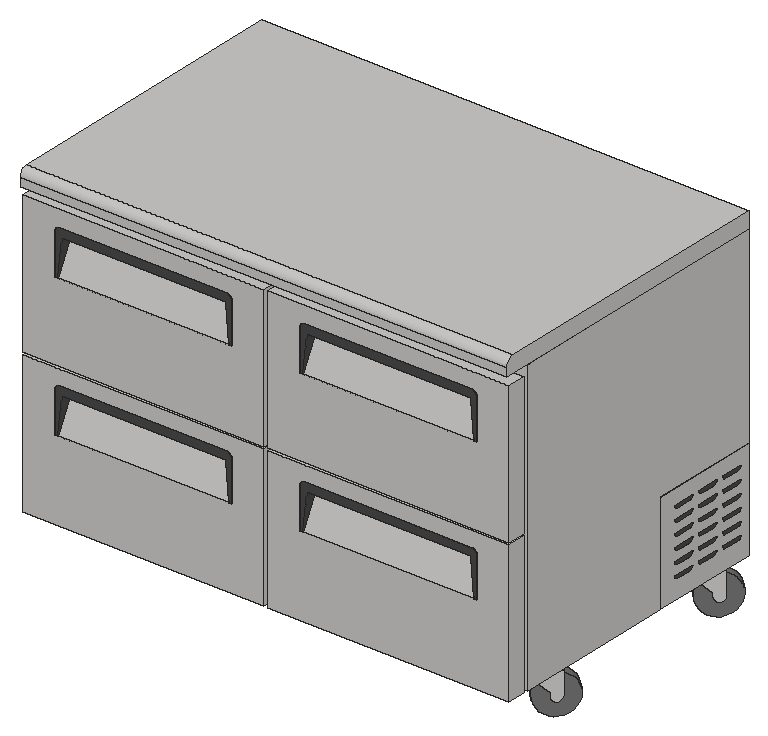
Revit family "QF_Turbo Air_TUF-48SD-D4", category Specialty Equipment, Revit 2012
Parameters
  Weight in Pounds = 260
  Watermarked By = "http://revitwatermark.com"
  Volts = 115 V
  URL Cutsheet = ""
  URL = "www.turboairinc.com"
  Status [instance] = ""
  Specification by User [instance] = ""
  Specification by Manufacturer [instance] = ""
  Serial Number [instance] = ""
  Revision Code [instance] = ""
  Phase = 1
  Number of Poles [instance] = 1
  NAFEM Spec ID Number [instance] = ""
  Model = "TUF-48SD-D4"
  Masterspec [instance] = ""
  Manufacturer = "Turbo Air"  # constant formula
  Legs [instance] = [6 inch Legs]  # no
  Item Number [instance] = "-"
  Installed By [instance] = ""
  HP = "1/2"
  Furnished By [instance] = ""
  Foodservice Equipment Identifier = yes
  FL Amps = 8.3 A
  Electrical Remarks [instance] = ""
  Electric Connection Type [instance] = ""
  Elec Conn RI Height [instance] = 0' - 0"
  Elec Conn Connection Height = 1' - 0"
  Description = "Undercounter Freezer"
  Cycle = 60 Hz
  Conn Plug = "NEMA 5-15P"
  Casters [instance] = not(Legs)  # yes
  CasterLeg Height [instance] = if([4 inch Casters], 0' 5", if([5 inch Casters], 0' 5 3/4", if([2_5 inch Casters], 0' 3 3/8", 0' 6")))  # 0' - 5"
  CSI MasterFormat = "11 41 13"
  Assembly Code = "E1090320"
  Apparent Power = if(Phase = 3, Volts * FL Amps * 1.73, Volts * FL Amps)  # 954.5 VA
  6 inch Legs [instance] = no
  5 inch Casters [instance] = no
  4 inch Casters [instance] = yes
  2_5 inch Casters [instance] = no
Reference planes (in)
  plane 1 "BACK": y = 0
  plane 2: z = 0
  plane 3 "LEFT": x = -20.78844
  plane 4 "Bottom": z = 5
  plane 5 "Back Stops": y = 1
  plane 6 "RIGHT": x = 27.46156
  plane 7 "FRONT": y = -30
  plane 8 "Back of Door": y = -27.875
  plane 9 "Front of Box": y = -27.375
  plane 10 "Top of Door": z = 33.125
  plane 11 "TOP": z = 35.625
  plane 12 "Bottom of TOP": z = 34
  plane 13 "Center LR": x = 3.33656
  plane 14: x = 3.52406
  plane 15: x = 3.14906
  plane 16: y = -42.75
Forms (in)
  Extrusion 1, solid, material "QF_Finishes_Stainless Steel"
    sketch origin (-20.78844, 0, 0) x (0, 1, 0) y (0, 0, 1)
      loop
        line (0, 5) -> (0, 34) -> (-27.375, 34) -> (-27.375, 5) -> (0, 5)
    from 0 to 48.25
  Extrusion 2, solid, material "QF_Finishes_Black"
    sketch origin (0, -27.375, 0) x (1, 0, 0) y (0, 0, 1)
      loop
        line (-19.78844, 32.125) -> (-19.78844, 6) -> (2.14906, 6) -> (2.14906, 32.125) -> (-19.78844, 32.125)
      loop
        line (4.52406, 32.125) -> (4.52406, 6) -> (26.46156, 6) -> (26.46156, 32.125) -> (4.52406, 32.125)
    from 0 to 0.5
  Extrusion 3, void
    sketch origin (27.46156, 0, 0) x (0, 1, 0) y (0, 0, 1)
      loop
        line (0, 5) -> (0, 15) -> (-11, 15) -> (-11, 5) -> (0, 5)
    from 0 to -1
  Extrusion 4, solid, material "QF_Finishes_Stainless Steel"
    sketch origin (27.46156, 0, 0) x (0, 1, 0) y (0, 0, 1)
      loop
        line (-10.875, 14.875) -> (-10.875, 5) -> (0, 5) -> (0, 14.875) -> (-10.875, 14.875)
      loop
        arc (-9.25, 13.5) -> (-9.10355, 13.14645) -> (-8.75, 13) r 0.5
        line (-8.75, 13) -> (-7.25, 13)
        arc (-7.25, 13) -> (-6.89645, 13.14645) -> (-6.75, 13.5) r 0.5
        line (-6.75, 13.5) -> (-9.25, 13.5)
      loop
        arc (-6.25, 13.5) -> (-6.10355, 13.14645) -> (-5.75, 13) r 0.5
        line (-5.75, 13) -> (-4.25, 13)
        arc (-4.25, 13) -> (-3.89645, 13.14645) -> (-3.75, 13.5) r 0.5
        line (-3.75, 13.5) -> (-6.25, 13.5)
      loop
        arc (-3.25, 13.5) -> (-3.10355, 13.14645) -> (-2.75, 13) r 0.5
        line (-2.75, 13) -> (-1.25, 13)
        arc (-1.25, 13) -> (-0.89645, 13.14645) -> (-0.75, 13.5) r 0.5
        line (-0.75, 13.5) -> (-3.25, 13.5)
      loop
        arc (-9.25, 12.25) -> (-9.10355, 11.89645) -> (-8.75, 11.75) r 0.5
        line (-8.75, 11.75) -> (-7.25, 11.75)
        arc (-7.25, 11.75) -> (-6.89645, 11.89645) -> (-6.75, 12.25) r 0.5
        line (-6.75, 12.25) -> (-9.25, 12.25)
      loop
        arc (-6.25, 12.25) -> (-6.10355, 11.89645) -> (-5.75, 11.75) r 0.5
        line (-5.75, 11.75) -> (-4.25, 11.75)
        arc (-4.25, 11.75) -> (-3.89645, 11.89645) -> (-3.75, 12.25) r 0.5
        line (-3.75, 12.25) -> (-6.25, 12.25)
      loop
        arc (-3.25, 12.25) -> (-3.10355, 11.89645) -> (-2.75, 11.75) r 0.5
        line (-2.75, 11.75) -> (-1.25, 11.75)
        arc (-1.25, 11.75) -> (-0.89645, 11.89645) -> (-0.75, 12.25) r 0.5
        line (-0.75, 12.25) -> (-3.25, 12.25)
      loop
        arc (-9.25, 11) -> (-9.10355, 10.64645) -> (-8.75, 10.5) r 0.5
        line (-8.75, 10.5) -> (-7.25, 10.5)
        arc (-7.25, 10.5) -> (-6.89645, 10.64645) -> (-6.75, 11) r 0.5
        line (-6.75, 11) -> (-9.25, 11)
      loop
        arc (-6.25, 11) -> (-6.10355, 10.64645) -> (-5.75, 10.5) r 0.5
        line (-5.75, 10.5) -> (-4.25, 10.5)
        arc (-4.25, 10.5) -> (-3.89645, 10.64645) -> (-3.75, 11) r 0.5
        line (-3.75, 11) -> (-6.25, 11)
      loop
        arc (-3.25, 11) -> (-3.10355, 10.64645) -> (-2.75, 10.5) r 0.5
        line (-2.75, 10.5) -> (-1.25, 10.5)
        arc (-1.25, 10.5) -> (-0.89645, 10.64645) -> (-0.75, 11) r 0.5
        line (-0.75, 11) -> (-3.25, 11)
      loop
        arc (-9.25, 9.75) -> (-9.10355, 9.39645) -> (-8.75, 9.25) r 0.5
        line (-8.75, 9.25) -> (-7.25, 9.25)
        arc (-7.25, 9.25) -> (-6.89645, 9.39645) -> (-6.75, 9.75) r 0.5
        line (-6.75, 9.75) -> (-9.25, 9.75)
      loop
        arc (-6.25, 9.75) -> (-6.10355, 9.39645) -> (-5.75, 9.25) r 0.5
        line (-5.75, 9.25) -> (-4.25, 9.25)
        arc (-4.25, 9.25) -> (-3.89645, 9.39645) -> (-3.75, 9.75) r 0.5
        line (-3.75, 9.75) -> (-6.25, 9.75)
      loop
        arc (-3.25, 9.75) -> (-3.10355, 9.39645) -> (-2.75, 9.25) r 0.5
        line (-2.75, 9.25) -> (-1.25, 9.25)
        arc (-1.25, 9.25) -> (-0.89645, 9.39645) -> (-0.75, 9.75) r 0.5
        line (-0.75, 9.75) -> (-3.25, 9.75)
      loop
        arc (-9.25, 8.5) -> (-9.10355, 8.14645) -> (-8.75, 8) r 0.5
        line (-8.75, 8) -> (-7.25, 8)
        arc (-7.25, 8) -> (-6.89645, 8.14645) -> (-6.75, 8.5) r 0.5
        line (-6.75, 8.5) -> (-9.25, 8.5)
      loop
        arc (-6.25, 8.5) -> (-6.10355, 8.14645) -> (-5.75, 8) r 0.5
        line (-5.75, 8) -> (-4.25, 8)
        arc (-4.25, 8) -> (-3.89645, 8.14645) -> (-3.75, 8.5) r 0.5
        line (-3.75, 8.5) -> (-6.25, 8.5)
      loop
        arc (-3.25, 8.5) -> (-3.10355, 8.14645) -> (-2.75, 8) r 0.5
        line (-2.75, 8) -> (-1.25, 8)
        arc (-1.25, 8) -> (-0.89645, 8.14645) -> (-0.75, 8.5) r 0.5
        line (-0.75, 8.5) -> (-3.25, 8.5)
      loop
        arc (-9.25, 7.25) -> (-9.10355, 6.89645) -> (-8.75, 6.75) r 0.5
        line (-8.75, 6.75) -> (-7.25, 6.75)
        arc (-7.25, 6.75) -> (-6.89645, 6.89645) -> (-6.75, 7.25) r 0.5
        line (-6.75, 7.25) -> (-9.25, 7.25)
      loop
        arc (-6.25, 7.25) -> (-6.10355, 6.89645) -> (-5.75, 6.75) r 0.5
        line (-5.75, 6.75) -> (-4.25, 6.75)
        arc (-4.25, 6.75) -> (-3.89645, 6.89645) -> (-3.75, 7.25) r 0.5
        line (-3.75, 7.25) -> (-6.25, 7.25)
      loop
        arc (-3.25, 7.25) -> (-3.10355, 6.89645) -> (-2.75, 6.75) r 0.5
        line (-2.75, 6.75) -> (-1.25, 6.75)
        arc (-1.25, 6.75) -> (-0.89645, 6.89645) -> (-0.75, 7.25) r 0.5
        line (-0.75, 7.25) -> (-3.25, 7.25)
    from 0 to -1
  Extrusion 5, solid, material "QF_Finishes_Black"
    sketch origin (27.46156, 0, 0) x (0, 1, 0) y (0, 0, 1)
      loop
        line (-9.875, 13.95221) -> (-9.875, 6.20221) -> (-0.375, 6.20221) -> (-0.375, 13.95221) -> (-9.875, 13.95221)
    from -0.125 to -1
  Extrusion 6, solid, material "QF_Finishes_Black"
    sketch origin (0, 0, 0) x (1, 0, 0) y (0, 0, 1)
      loop
        circle (-14.66344, 30.8125) r 0.5
      loop
        circle (21.33656, 30.8125) r 0.5
    from 0 to -1
  Extrusion 7, solid, material "QF_Finishes_Stainless Steel"
    sketch origin (0, 0, 0) x (1, 0, 0) y (0, 0, 1)
      loop
        circle (23.46156, 11.125) r 0.25
    from 0 to -0.0625
  Extrusion 8, solid, material "QF_Finishes_Polished Steel"
    sketch origin (-20.78844, 0, 0) x (0, 1, 0) y (0, 0, 1)
      loop
        line (0, 35.625) -> (-29.1875, 35.625)
        arc (-29.1875, 35.625) -> (-29.76202, 35.38702) -> (-30, 34.8125) r 0.8125
        line (-30, 34.8125) -> (-30, 34) -> (0, 34) -> (0, 35.625)
    from 0 to 48.25
Cuts and joins
  Extrusion 3 cuts Extrusion 1
Lines and regions (in)
  symbolic lines
    curve 1: line (-20.78844, 0, 35.875) -> (27.46156, 0, 35.875)
    curve 2: line (-20.78844, -30, 35.875) -> (-20.78844, 0, 35.875)
    curve 3: line (27.46156, -30, 35.875) -> (-20.78844, -30, 35.875)
    curve 4: line (27.46156, 0, 35.875) -> (27.46156, -30, 35.875)
    curve 5: line (20.83656, 1, 35.875) -> (21.83656, 1, 35.875)
    curve 6: line (-15.16344, 1, 35.875) -> (-14.16344, 1, 35.875)
    curve 7: line (-15.16344, 1, 35.875) -> (-15.16344, 0, 35.875)
    curve 8: line (-14.16344, 1, 35.875) -> (-14.16344, 0, 35.875)
    curve 9: line (20.83656, 1, 35.875) -> (20.83656, 0, 35.875)
    curve 10: line (21.83656, 1, 35.875) -> (21.83656, 0, 35.875)
  symbolic lines, style "QF_Clearances", detail levels coarse
    curve 11: line (3.52406, -30, 35.875) -> (3.52406, -42.75, 35.875)
    curve 12: line (3.52406, -42.75, 35.875) -> (27.46156, -42.75, 35.875)
    curve 13: line (27.46156, -42.75, 35.875) -> (27.46156, -30, 35.875)
    curve 14: line (-20.78844, -30, 35.875) -> (-20.78844, -42.75, 35.875)
    curve 15: line (-20.78844, -42.75, 35.875) -> (3.14906, -42.75, 35.875)
    curve 16: line (3.14906, -42.75, 35.875) -> (3.14906, -30, 35.875)
Dimensions and locks (in)
  "CasterLeg Height": plane 4 "Bottom" to plane 2
  locked: plane 1 "BACK" to plane 5 "Back Stops" at 1
  locked: plane 6 "RIGHT" to plane 3 "LEFT" at 48.25
  locked: plane 7 "FRONT" to plane 1 "BACK" at 30
  locked: plane 8 "Back of Door" to plane 9 "Front of Box" at 0.5
  locked: plane 10 "Top of Door" to Extrusion 2 sketch curve at 1  (x2)
  locked: Extrusion 2 sketch curve to plane 3 "LEFT" at 1
  locked: Extrusion 2 sketch curve to plane 4 "Bottom" at 1  (x2)
  locked: Extrusion 3 sketch curve to plane 1 "BACK" at 11
  locked: Extrusion 3 sketch curve to plane 4 "Bottom" at 10
  locked: plane 4 "Bottom" to Extrusion 4 sketch curve at 9.875
  locked: Extrusion 4 sketch curve to plane 1 "BACK" at 10.875
  locked: Extrusion 5 sketch curve to Extrusion 5 sketch curve at 7.75
  locked: Extrusion 5 sketch curve to plane 4 "Bottom" at 1.20221
  locked: Extrusion 5 sketch curve to Extrusion 5 sketch curve at 9.5
  locked: Extrusion 5 sketch curve to plane 1 "BACK" at 0.375
  locked: nested 1 to plane 1 "BACK" at 2.5625
  locked: plane 3 "LEFT" to nested 1 at 2.5
  locked: plane 3 "LEFT" to nested 2 at 2.5
  locked: plane 9 "Front of Box" to nested 2 at 4.625
  locked: nested 3 to plane 6 "RIGHT" at 2.5
  locked: nested 4 to plane 6 "RIGHT" at 2.5
  locked: plane 9 "Front of Box" to nested 4 at 4.625
  locked: nested 3 to plane 1 "BACK" at 2.5625
  locked: plane 6 "RIGHT" to Extrusion 6 sketch curve at 6.125
  locked: Extrusion 6 sketch curve to plane 3 "LEFT" at 6.125
  locked: Extrusion 7 sketch curve to plane 4 "Bottom" at 6.125
  locked: plane 6 "RIGHT" to Extrusion 7 sketch curve at 4
  locked: plane 11 "TOP" to plane 4 "Bottom" at 30.625
  locked: plane 11 "TOP" to plane 12 "Bottom of TOP" at 1.625
  locked: plane 12 "Bottom of TOP" to plane 10 "Top of Door" at 0.875
  plane 8 "Back of Door" to plane 1 "BACK" = 2' - 3 7/8"
  equal spacing: plane 3 "LEFT", plane 13 "Center LR", plane 6 "RIGHT"
  plane 15 to plane 13 "Center LR" to plane 14 = 0' - 0 3/16" locked, 0' - 0 3/16" locked
  locked: Extrusion 2 sketch curve to plane 15 at 1
  locked: Extrusion 2 sketch curve to plane 6 "RIGHT" at 1
  locked: Extrusion 2 sketch curve to plane 14 at 1
  locked: plane 16 to plane 7 "FRONT" at 12.75
  aligned and locked: level to plane 2
  aligned and locked: Extrusion 1 sketch curve to plane 1 "BACK"
  aligned and locked: Extrusion 1 sketch curve to plane 4 "Bottom"
  aligned and locked: plane 9 "Front of Box" to Extrusion 1 sketch curve
  aligned and locked: plane 6 "RIGHT" to Extrusion 1
  aligned and locked: plane 8 "Back of Door" to Extrusion 2
  aligned and locked: Extrusion 3 sketch curve to plane 1 "BACK"
  aligned and locked: Extrusion 3 sketch curve to plane 4 "Bottom"
  aligned and locked: Extrusion 6 to plane 5 "Back Stops"
  aligned and locked: plane 1 "BACK" to curve 1
  aligned and locked: curve 4 to plane 6 "RIGHT"
  aligned and locked: plane 3 "LEFT" to curve 2
  aligned and locked: curve 3 to plane 7 "FRONT"
  aligned and locked: curve 5 to Extrusion 6
  aligned and locked: curve 6 to Extrusion 6
  aligned and locked: Extrusion 1 sketch curve to plane 12 "Bottom of TOP"
  aligned and locked: plane 1 "BACK" to Extrusion 8 sketch curve
  aligned and locked: plane 12 "Bottom of TOP" to Extrusion 8 sketch curve
  aligned and locked: Extrusion 8 sketch curve to plane 7 "FRONT"
  aligned and locked: Extrusion 8 sketch curve to plane 11 "TOP"
  aligned and locked: plane 6 "RIGHT" to Extrusion 8
  aligned and locked: nested 5 to plane 4 "Bottom"
  aligned and locked: nested 6 to plane 4 "Bottom"
Automatic sketch dimensions
  Extrusion 4 sketch curve to plane 1 "BACK" = 0' - 0"
  Extrusion 4 sketch curve to plane 4 "Bottom" = 0' - 0"
  Extrusion 4 sketch curve to Extrusion 4 sketch curve = 0' - 1 5/8"
  Extrusion 4 sketch curve to Extrusion 4 sketch curve = 0' - 0"  (x16)
  Extrusion 4 sketch curve to Extrusion 4 sketch curve = 0' - 0 1/2"  (x31)
  Extrusion 4 sketch curve to Extrusion 4 sketch curve = 0' - 1 1/2"  (x4)
  plane 1 "BACK" to Extrusion 4 sketch curve = 0' - 1 1/4"  (x3)
  plane 4 "Bottom" to Extrusion 4 sketch curve = 0' - 1 3/4"  (x2)
  Extrusion 4 sketch curve to Extrusion 4 sketch curve = 0' - 0 3/4"  (x15)
  Extrusion 6 sketch curve to plane 10 "Top of Door" = 0' - 2 5/16"  (x2)
  Extrusion 8 sketch curve to plane 7 "FRONT" = 0' - 0 13/16"
  plane 16 to curve 14 = 0' - 0"
  curve 11 to plane 14 = 0' - 0"
  plane 16 to curve 11 = 0' - 0"
  curve 16 to plane 15 = 0' - 0"
  curve 10 to plane 6 "RIGHT" = 0' - 5 5/8"
  curve 5 to curve 5 = 0' - 1"
  plane 3 "LEFT" to curve 6 = 0' - 6 5/8"
  curve 6 to curve 7 = 0' - 1"
  radius of Extrusion 6 sketch curve = 0' - 0 1/2"  (x2)
  radius of Extrusion 7 sketch curve = 0' - 0 1/4"
Nested families (in)
  nested 1: "FESCasterLeg" at (-18.28844, -2.5625, 0), Legs <- "Legs", Casters <- "Casters", Height <- "CasterLeg Height", type "FESCasterLeg"
    with Legs no, Height 0' - 5", Casters yes, Caster Radius 0' - 2"
  nested 2: "FESCasterLeg" at (-18.28844, -22.75, 0), Legs <- "Legs", Casters <- "Casters", Height <- "CasterLeg Height", type "FESCasterLeg"
    with Legs no, Height 0' - 5", Casters yes, Caster Radius 0' - 2"
  nested 3: "FESCasterLeg" at (24.96156, -2.5625, 0), Legs <- "Legs", Casters <- "Casters", Height <- "CasterLeg Height", type "FESCasterLeg"
    with Legs no, Height 0' - 5", Casters yes, Caster Radius 0' - 2"
  nested 4: "FESCasterLeg" at (24.96156, -22.75, 0), Legs <- "Legs", Casters <- "Casters", Height <- "CasterLeg Height", type "FESCasterLeg"
    with Legs no, Height 0' - 5", Casters yes, Caster Radius 0' - 2"
  nested 5: "QF_Turbo Air_TBL_Drawer" at (18.70073, -27.875, 5), type "QF_Turbo Air_TBL_Drawer"
    with Width 1' - 11 15/16", Symbolic Lines no, Height 2' - 4 1/8", Depth 0' - 1 13/16"
  nested 6: "QF_Turbo Air_TBL_Drawer" at (-5.61177, -27.875, 5), type "QF_Turbo Air_TBL_Drawer"
    with Width 1' - 11 15/16", Symbolic Lines no, Height 2' - 4 1/8", Depth 0' - 1 13/16"
Connectors (in)
  electrical at (23.46156, 0.0625, 11.125), driven by "Number of Poles", driven by "Volts", driven by "Apparent Power"
    settings: on Extrusion 7, index 1, voltage 115 V, apparent load 954.5 VA, apparent load phase1 0 VA, apparent load phase2 0 VA, apparent load phase3 0 VA, power factor 1, load classification "Other", number of poles 1, system type 30, power factor state 1, is connector primary yes, connector utility no, sub classification motor no, connector description ""
Definition of nested family "FESCasterLeg"
  Parameters (values of type "FESCasterLeg")
    Watermarked By = "http://revitwatermark.com"
    Type Comments = "⍁⍉⌁⌀⏭⎽⌇⍠⌜⍉⎖⌥⌦⌯⍭⏊⍻⍿⍊⏵⍊⏗⏠⍴⎡⌈⎀⍠⌓⌤⏘⎐⍀⌐⏬⏁⎈⏍⏦⎒⏬⌝⍩⍇⌣〈⎫〉⎁⏊⍥⍖⍥⍝⍦⌖⍀⏌⏭⎝⎼⏷⏞⍻⏯⎽⏷⏞⍻⏯⎽⏷⎺⌻⎝⍎⌧⏷⏟⏿⌿⍜⍦⍤⌁⍬⏶⏎⍊⏚⏉⎞⌡⎀⎪⏈⌟⌿⍾⍼⌟⌿⌢⌞⏜⏝⎽⍷⍷⍯⍧⍷⌯⍽⏸⏨⏾⏎⌣⏺⍹⏼⏅⎏⌽⎫⎪⍙⎓⏗⎗⏅⌴⍏⍏⍿⏑⎺⍘⌭⏲⍥⎛⎾⎾⍞⍌⎪⎲⌙⎥⏏⎟⎟⏼⏘⎏⎝⏧⏍⏁⍏⍧⏯⏾⌟"
    Legs [instance] = yes
    Height [instance] = 0' - 6"
    Caster Radius [instance] = if(Height < 0' 3", 0' 1", (Height / 2) - 0' 0 1/2")  # 0' - 2 1/2"
    Casters [instance] = yes
    Assembly Code = ""
  Reference planes (in)
    plane 1 "Center (Front/Back)": y = 0
    plane 2: z = 0
    plane 3 "Center (Left/Right)": x = 0
    plane 4: z = 6
    plane 5: z = 5.5
  Forms (in)
    Extrusion 1, solid, material "QF_Finishes_Stainless Steel", visible <- "Casters"
      sketch origin (-24.12131, -22.88887, 10.18833) x (0.707107, 0.707107, 0) y (0, 0, 1)
        loop
          line (34.98772, -7.68833) -> (34.98772, -4.93833) -> (34.48772, -4.93833) -> (34.39402, -4.68833) -> (32.39402, -4.68833) -> (32.39402, -5.43833) -> (33.98772, -7.34206) -> (33.98772, -7.68833)
          arc (33.98772, -7.68833) -> (34.48772, -8.18833) -> (34.98772, -7.68833) r 0.5
      from 0 to 1.75
    Extrusion 2, solid, material "QF_Finishes_Rubber Black", visible <- "Casters"
      sketch origin (-24.32327, -23.09083, 13.31461) x (0.707107, 0.707107, 0) y (0, 0, 1)
        loop
          circle (34.77334, -10.81461) r 2.5
      from 0.375 to 1.375
    Extrusion 3, solid, material "QF_Finishes_Stainless Steel", visible <- "Casters"
      sketch origin (-7.24148, -8.48391, 0) x (0.707107, 0.707107, 0) y (0, 0, 1)
        loop
          line (10.61603, 5.5) -> (11.61603, 5.5) -> (11.61603, 6) -> (10.61603, 6) -> (10.61603, 5.5)
      from 0 to -1.75
    Blend 4, solid, material "QF_Finishes_Stainless Steel", visible <- "Legs"
      base sketch origin (0, 0, 0) x (1, 0, 0) y (0, 1, 0)
        loop
          circle (0, 0) r 0.5
      top sketch origin (0, 0, 0) x (1, 0, 0) y (0, 1, 0)
        loop
          circle (0, 0) r 1
      from 0 to 6 <- "Height"
  Lines and regions (in)
    symbolic lines, style "QF_Hidden Details", visible <- "Casters", built-in parameter 1006206 <- "Casters"
      curve 1: line (-1.26158, -0.51911, 0) -> (1.39007, 2.13254, 0)
      curve 2: line (-0.53429, -1.24639, 0) -> (2.11736, 1.40526, 0)
    symbolic lines, style "QF_Hidden Details", built-in parameter 1006206 <- "Casters", visible <- "Casters"
      curve 3: line (-1.26158, -0.51911, 0) -> (1.39007, 2.13254, 0)
      curve 4: line (-0.53429, -1.24639, 0) -> (2.11736, 1.40526, 0)
  Dimensions and locks (in)
    locked: plane 4 to plane 5 at 0.5
    "Height": plane 4 to level
    "Caster Radius": Extrusion 2 sketch curve to level
    "Caster Radius": Extrusion 1 sketch curve to level
    "Caster Radius": radius of Extrusion 2 sketch curve
    aligned and locked: plane 2 to level
    aligned: Blend 4 to Extrusion 3
    aligned and locked: plane 4 to Blend 4
    aligned and locked: Extrusion 3 to plane 5
    aligned and locked: plane 4 to Extrusion 3
    aligned and locked: plane 5 to Extrusion 1
  Automatic sketch dimensions
    plane 1 "Center (Front/Back)" to curve 3 = 0' - 0.51911"
    curve 3 to plane 3 "Center (Left/Right)" = 0' - 1.26158"
    plane 1 "Center (Front/Back)" to curve 1 = 0' - 0.51911"
    curve 1 to curve 3 = 0' - 0"  (x3)
    curve 4 to plane 3 "Center (Left/Right)" = 0' - 0.53429"
    curve 2 to curve 4 = 0' - 0"  (x2)
    plane 3 "Center (Left/Right)" to curve 3 = 0' - 1.39007"
    curve 1 to curve 4 = 0' - 0.72729"
    curve 2 to curve 1 = 0' - 0.72729"
    curve 4 to curve 2 = 0' - 0"  (x2)
    curve 2 to plane 1 "Center (Front/Back)" = 0' - 1.40526"
    curve 2 to curve 3 = 0' - 0.72729"
    plane 5 to Extrusion 1 sketch curve = 0' - 0"
    Extrusion 1 sketch curve to Extrusion 1 sketch curve = 0' - 1.5937"
    Extrusion 1 sketch curve to Extrusion 1 sketch curve = 0' - 2"
    Extrusion 1 sketch curve to Extrusion 1 sketch curve = 0' - 0.0937"
    Extrusion 1 sketch curve to Extrusion 1 sketch curve = 0' - 0 1/2"
    Extrusion 1 sketch curve to Extrusion 1 sketch curve = 0' - 0.34627"
    Extrusion 1 sketch curve to plane 5 = 0' - 0 3/4"
    Extrusion 1 sketch curve to plane 5 = 0' - 0 1/4"
    Extrusion 3 sketch curve to plane 5 = 0' - 0"
    plane 4 to Extrusion 3 sketch curve = 0' - 0"
    Extrusion 3 sketch curve to Extrusion 3 sketch curve = 0' - 1"
    plane 1 "Center (Front/Back)" to Blend 4 sketch curve = 0' - 0"  (x2)
    Blend 4 sketch curve to plane 3 "Center (Left/Right)" = 0' - 0"  (x2)
    radius of Blend 4 sketch curve = 0' - 0 1/2"
    radius of Blend 4 sketch curve = 0' - 1"
Definition of nested family "QF_Turbo Air_TBL_Drawer"
  Parameters (values of type "QF_Turbo Air_TBL_Drawer")
    Width [instance] = 2' - 5 5/16"
    Watermarked By = "http://revitwatermark.com"
    Symbolic Lines [instance] = yes
    Manufacturer = "Turbo Air"  # constant formula
    Height [instance] = 2' - 3 7/16"
    Depth [instance] = 0' - 1 13/16"
  Reference planes (in)
    plane 1 "BACK": y = 0
    plane 2: z = 0
    plane 3 "LEFT": x = -15.17667
    plane 4: x = 14.13583
    plane 5 "FRONT": y = -1.8125
    plane 6: z = 27.4375
    plane 7 "Handle Center": x = -0.52042
    plane 8 "Door Center": z = 13.71875
  Forms (in)
    Extrusion 1, solid, material "QF_Finishes_Black"
      sketch origin (-31.11417, 0, 15.01083) x (0, 0, -1) y (1, 0, 0)
        loop
          arc (-10.23917, 39.40625) -> (-10.63691, 39.2415) -> (-10.80167, 38.84375) r 0.5625
          line (-10.80167, 38.84375) -> (-10.80167, 22.34375)
          arc (-10.80167, 22.34375) -> (-10.63691, 21.946) -> (-10.23917, 21.78125) r 0.5625
          line (-10.23917, 21.78125) -> (-6.30167, 21.78125) -> (-6.30167, 22.125) -> (-9.98917, 22.44761) -> (-9.98917, 38.73989) -> (-6.30167, 39.0625) -> (-6.30167, 39.40625) -> (-10.23917, 39.40625)
        loop
          line (7.41708, 21.78125) -> (7.41708, 22.125) -> (3.72958, 22.44761) -> (3.72958, 38.73989) -> (7.41708, 39.0625) -> (7.41708, 39.40625) -> (3.47958, 39.40625)
          arc (3.47958, 39.40625) -> (3.08184, 39.2415) -> (2.91708, 38.84375) r 0.5625
          line (2.91708, 38.84375) -> (2.91708, 22.34375)
          arc (2.91708, 22.34375) -> (3.08184, 21.946) -> (3.47958, 21.78125) r 0.5625
          line (3.47958, 21.78125) -> (7.41708, 21.78125)
      from 0 to 1.8125
    Extrusion 2, solid, material "QF_Finishes_Stainless Steel"
      sketch origin (-9.36417, 0, 15.01083) x (0, 1, 0) y (0, 0, 1)
        loop
          line (-1.8125, 6.30167) -> (0, 6.30167) -> (0, 9.98917) -> (-0.47036, 9.98917) -> (-1.8125, 6.30167)
        loop
          line (-1.8125, -7.41708) -> (0, -7.41708) -> (0, -3.72958) -> (-0.47036, -3.72958) -> (-1.8125, -7.41708)
      from 0.375 to 17.3125
    Extrusion 3, solid, material "QF_Finishes_Stainless Steel"
      sketch origin (0, 0, 0) x (1, 0, 0) y (0, 0, 1)
        loop
          line (-15.17667, 27.4375) -> (-15.17667, 13.84375) -> (14.13583, 13.84375) -> (14.13583, 27.4375) -> (-15.17667, 27.4375)
        loop
          line (-15.17667, 0) -> (14.13583, 0) -> (14.13583, 13.59375) -> (-15.17667, 13.59375) -> (-15.17667, 0)
        loop
          arc (-8.77042, 25.8125) -> (-9.16816, 25.64775) -> (-9.33292, 25.25) r 0.5625
          line (-9.33292, 25.25) -> (-9.33292, 21.3125) -> (8.29208, 21.3125) -> (8.29208, 25.25)
          arc (8.29208, 25.25) -> (8.12733, 25.64775) -> (7.72958, 25.8125) r 0.5625
          line (7.72958, 25.8125) -> (-8.77042, 25.8125)
        loop
          arc (-8.77042, 12.09375) -> (-9.16816, 11.929) -> (-9.33292, 11.53125) r 0.5625
          line (-9.33292, 11.53125) -> (-9.33292, 7.59375) -> (8.29208, 7.59375) -> (8.29208, 11.53125)
          arc (8.29208, 11.53125) -> (8.12733, 11.929) -> (7.72958, 12.09375) r 0.5625
          line (7.72958, 12.09375) -> (-8.77042, 12.09375)
      from 0 to 1.8125
  Lines and regions (in)
    symbolic lines, visible <- "Symbolic Lines"
      curve 1: line (-15.17667, 0, 25.96875) -> (14.13583, 0, 25.96875)
      curve 2: line (-15.17667, -1.8125, 25.96875) -> (-15.17667, 0, 25.96875)
      curve 3: line (14.13583, -1.8125, 25.96875) -> (-15.17667, -1.8125, 25.96875)
      curve 4: line (14.13583, 0, 25.96875) -> (14.13583, -1.8125, 25.96875)
  Dimensions and locks (in)
    "Width": plane 4 to plane 3 "LEFT"
    "Depth": plane 5 "FRONT" to plane 1 "BACK"
    "Height": plane 6 to plane 2
    locked: Extrusion 3 sketch curve to Extrusion 3 sketch curve at 4.5  (x2)
    locked: plane 6 to Extrusion 3 sketch curve at 1.625
    locked: plane 6 to Extrusion 1 sketch curve at 1.625
    locked: Extrusion 1 sketch curve to Extrusion 1 sketch curve at 0.8125  (x2)
    locked: Extrusion 1 sketch curve to Extrusion 1 sketch curve at 4.5  (x4)
    locked: Extrusion 1 sketch curve to Extrusion 1 sketch curve at 0.66636  (x4)
    locked: plane 6 to Extrusion 2 sketch curve at 2.4375
    locked: Extrusion 2 sketch curve to Extrusion 2 sketch curve at 3.6875  (x2)
    locked: Extrusion 2 sketch curve to plane 5 "FRONT" at 1.34214  (x2)
    equal spacing: plane 3 "LEFT", plane 7 "Handle Center", plane 4
    equal spacing: plane 6, plane 8 "Door Center", level
    Extrusion 3 sketch curve to plane 8 "Door Center" to Extrusion 3 sketch curve = 0' - 0 1/8" locked, 0' - 0 1/8" locked
    Extrusion 3 sketch curve to plane 7 "Handle Center" to Extrusion 3 sketch curve = 0' - 8 13/16" locked, 0' - 8 13/16" locked  (x2)
    locked: plane 8 "Door Center" to Extrusion 3 sketch curve at 1.625
    Extrusion 1 sketch curve to plane 7 "Handle Center" to Extrusion 1 sketch curve = 0' - 8 13/16" locked, 0' - 8 13/16" locked  (x2)
    Extrusion 2 to plane 7 "Handle Center" to Extrusion 2 = 0' - 8 15/32" locked, 0' - 8 15/32" locked
    locked: plane 8 "Door Center" to Extrusion 1 sketch curve at 1.625
    locked: plane 8 "Door Center" to Extrusion 2 sketch curve at 2.4375
    aligned and locked: level to plane 2
    aligned and locked: Extrusion 3 sketch curve to plane 6
    aligned and locked: plane 3 "LEFT" to Extrusion 3 sketch curve  (x2)
    aligned and locked: level to Extrusion 3 sketch curve
    aligned and locked: Extrusion 3 sketch curve to plane 4  (x2)
    aligned and locked: plane 5 "FRONT" to Extrusion 3
    aligned and locked: Extrusion 2 sketch curve to plane 1 "BACK"  (x2)
    aligned and locked: plane 1 "BACK" to curve 1
    aligned and locked: plane 3 "LEFT" to curve 2
    aligned and locked: curve 3 to plane 5 "FRONT"
    aligned and locked: curve 4 to plane 4
  Automatic sketch dimensions
    Extrusion 1 sketch curve to Extrusion 1 sketch curve = 0' - 0 1/4"  (x4)
    Extrusion 1 sketch curve to Extrusion 1 sketch curve = 0' - 0 11/32"  (x4)
    Extrusion 2 sketch curve to plane 5 "FRONT" = 0' - 0"  (x2)
    Extrusion 3 sketch curve to Extrusion 3 sketch curve = 0' - 0 9/16"  (x4)
